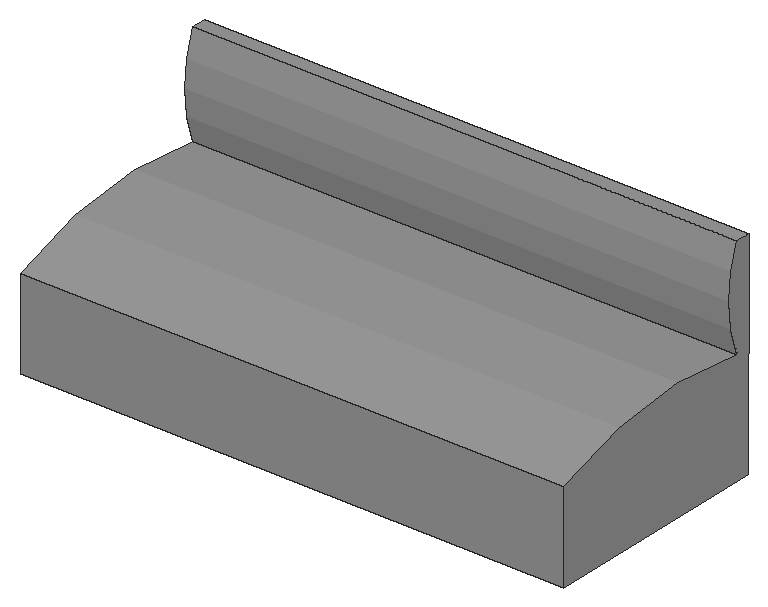
Revit family "AVLN_Кресельная группа", category Мебель, Revit 2019
Family settings
  Номер OmniClass = 23.40.20.00
  Заголовок OmniClass = General Furniture and Specialties
  На основе рабочей плоскости = Нет
  Всегда вертикально = Да
  При загрузке вырезать с полостями = Нет
  Общий = Нет
  Точка расчета площади = Нет
Parameters
  Описание = "ККресельная группа 1510х640х600"
  М.основы = Полотно, белое
  Type Comments = ""
  Keynote = ""
  Manufacturer = ""
  Группа модели = "Оборудование поликлиники"
  ADSK_Размер_Ширина = 640 mm
  ADSK_Размер_Длина = 1510 mm
  ADSK_Размер_Высота = 600 mm
  ADSK_Примечание [instance] = ""
  ADSK_Обозначение = ""
  ADSK_Наименование = ""
  ADSK_Масса = 0
  ADSK_Марка = ""
  ADSK_Код изделия = ""
  ADSK_Единица измерения = "шт"  # constant formula
Reference planes
  plane 1 "По центру (Вперед/Назад)": y = 0
  plane 2: z = 0
  plane 3 "По центру (Влево/Вправо)": x = 0
  plane 4: z = 600
  plane 5: y = 320
  plane 6: x = 755
  plane 7: x = -755
  plane 8: y = -320
  plane 9: y = 280
  plane 10: z = 250
Forms (mm)
  Extrusion 1, solid, material "Полотно, белое" <- "М.основы"
    sketch origin (0, 0, 0) x (0, 1, 0) y (0, 0, 1)
      loop
        line (320, 600) -> (280, 600)
        arc (280, 600) -> (252.516, 458.111) -> (280, 316.222) r 380
        arc (280, 316.222) -> (-25.063, 328.984) -> (-320, 250) r 1010
        line (-320, 250) -> (-320, 0) -> (320, 0) -> (320, 600)
    from -755 to 755
Lines and regions (mm)
  symbolic lines
    curve 1: line (-251.667, -320, 592.976) -> (-251.667, 280, 592.976)
    curve 2: line (251.667, -320, 592.976) -> (251.667, 280, 592.976)
Dimensions and locks
  plane 2 to plane 4 = 600 mm
  equal spacing: plane 8, plane 1 "По центру (Вперед/Назад)", plane 5
  equal spacing: plane 7, plane 3 "По центру (Влево/Вправо)", plane 6
  "ADSK_Размер_Длина": plane 7 to plane 6
  "ADSK_Размер_Ширина": plane 5 to plane 8
  "ADSK_Размер_Высота": plane 2 to plane 4
  plane 9 to plane 8 = 600 mm
  plane 5 to plane 9 to plane 8 = 40 mm, 600 mm
  locked: plane 5 to plane 9 at 40
  locked: plane 10 to plane 2 at 250
  plane 7 to plane 6 = 1510 mm
  equal spacing: plane 7, curve 1, curve 2, plane 6
  aligned and locked: level to plane 2
  aligned and locked: plane 5 to Extrusion 1 sketch curve
  aligned and locked: Extrusion 1 sketch curve to plane 2
  aligned and locked: Extrusion 1 sketch curve to plane 8
  aligned and locked: plane 10 to Extrusion 1 sketch curve
  aligned and locked: plane 4 to Extrusion 1 sketch curve
  aligned and locked: plane 9 to Extrusion 1 sketch curve
  aligned and locked: Extrusion 1 to plane 6
  aligned and locked: Extrusion 1 to plane 7
Automatic sketch dimensions
  Extrusion 1 sketch curve to plane 9 = 0 mm
  Extrusion 1 sketch curve to plane 1 "По центру (Вперед/Назад)" = 85.737 mm
  plane 4 to Extrusion 1 sketch curve = 141.889 mm
  plane 5 to Extrusion 1 sketch curve = 312.516 mm
  curve 1 to plane 9 = 0 mm
  curve 2 to plane 9 = 0 mm
  curve 2 to plane 8 = 0 mm
  curve 1 to plane 8 = 0 mm
